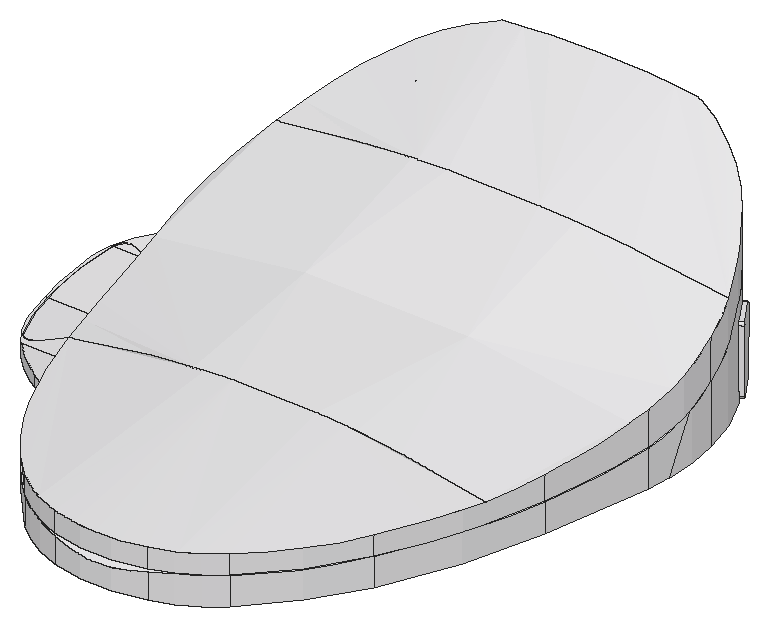
Revit family "Bidet_Seat-Elongated_Closed_Front-Cleansing-KOHLER-C3-129-K-18659T_1", category Plumbing Fixtures, host Face, Revit 2017
Family settings
  Host = Face
  Round Connector Dimension = Use Diameter
  Part Type = Normal
  OmniClass Number = 23.31.19.19.17
  OmniClass Title = Water Closet Seats
  Cut with Voids When Loaded = No
  Shared = No
  Room Calculation Point = No
Parameters (values of type "0-White")
  Width = 17 1/8"  # constant formula
  WaterSense Certified = 1 = 0  # no
  Waste Water Outlet = "Waste Water Outlet"  # constant formula
  Waste Connection = 1 = 0  # no
  Voltage = 220 V  # constant formula
  Vent Connection = 1 = 0  # no
  URL = "http://www.kohler.com.cn/"
  Type = 1
  Product Page URL = "https://www.kohler.com.cn/en/product/K-18659T-0/K-18659T-0/"
  Product Name = "C3-129"  # constant formula
  Product Documentation Link = "https://files.kohler.com.cn/pdfs/1518002035861_K-18659T-0_K-4107T-0.pdf"
  Pressure = 0.00 psi
  Model = if(Type = 1, "K-18659T-0", if(Type = 2, "K-18659T-HC-0", "NA"))  # "K-18659T-0"
  Material = "Plastic"  # constant formula
  Master Format 2014 Name = "Residential Water Closets"  # constant formula
  Master Format 2014 = "22 41 13.13"  # constant formula
  Manufacturer Address = "Kohler Beijing Office (100016) 36-2-03-B, No. 88, Liuxiang Road, Beijing"  # constant formula
  Manufacturer = "KOHLER Co."  # constant formula
  Length = 20 131/256"  # constant formula
  Hot Water Inlet = "Hot Water Inlet"  # constant formula
  Height = 6 11/32"  # constant formula
  HW Connection = 1 = 0  # no
  Flush Rate- LPF = "0 LPF"
  Flush Rate- GPF = "0 GPF"
  Flow Rate = 0 GPM
  Finish = Kohler-Plastic-0-White
  Environmental Product Declaration = ""
  Electrical Note = "One Dedicated Circuit Required "  # constant formula
  Electrical Connector = 1 = 1  # yes
  Description = "Bidet Seat"  # constant formula
  Default Elevation = 0"
  Declare Label = ""
  Date Modified = "06/30/2021"  # constant formula
  Date Created = "06/30/2021"  # constant formula
  Copyright = "Copyright KOHLER Co."  # constant formula
  Contact Us = "http://www.kohler.com.cn/contact/contact-us/"
  Cold Water Inlet = "Cold Water Inlet"  # constant formula
  CW Connection = 1 = 1  # yes
  Assembly Code = "D2010100"
  Apparent Load = 10 A * Voltage  # 2200 VA
  ADA Compliant = 1 = 0  # no
Types (3): name | Type | Product Page URL | Model
  (no name) | 1 | "https://www.kohler.com.cn/en/product/K-18659T-0/K-18659T-0/" | "K-18659T-0"
  Hidden Chord, 0-White | 2 | "" | "K-18659T-HC-0"
  0-White | 1 | "https://www.kohler.com.cn/en/product/K-18659T-0/K-18659T-0/" | "K-18659T-0"
Reference planes (in)
  plane 1 "Center (Front/Back)": y = 0
  plane 2: z = 0
  plane 3 "Center (Left/Right)": x = 0
  plane 4: x = 7.6875
  plane 5: x = -9.4375
  plane 6: y = -20.51172
  plane 7: z = 6.34375
  plane 8: z = 1.61934
  plane 9: z = 0.16265
  plane 10: through (-9.48483, -11.47038, 48) normal (-0.9525, 0.3046, 0)
  plane 11: through (-9.48483, -9.91959, 48) normal (-0.9252, 0.3795, 0)
  plane 12: z = 1.1855
  plane 13: x = -7.6875
  plane 14: z = -0.62598
Forms (in)
  Extrusion 1, void
    sketch origin (0, 0, 0) x (0, 1, 0) y (0, 0, 1)
      loop
        line (-4.26714, 0.16142) -> (-5.71564, 0.16142) -> (-5.71564, -0.62598) -> (-4.26714, -0.62598) -> (-4.26714, 0.16142)
    from -1.61419 to 1.61419
Dimensions and locks (in)
  "Length": plane 6 to plane 1 "Center (Front/Back)"
  "Width": plane 5 to plane 4
  "Height": level to plane 7
  plane 9 to plane 7 = 6.1811"
  plane 9 to plane 8 = 1.45669"
  aligned and locked: plane 2 to host face
  aligned and locked: level to host face
  aligned and locked: plane 3 "Center (Left/Right)" to nested 1
  aligned and locked: plane 1 "Center (Front/Back)" to nested 1
Automatic sketch dimensions
  host sketch curve to host sketch curve = 96"  (x2)
  plane 9 to Extrusion 1 sketch curve = 0.00123"
  plane 1 "Center (Front/Back)" to Extrusion 1 sketch curve = 5.71564"
  Extrusion 1 sketch curve to Extrusion 1 sketch curve = 1.44849"
  Extrusion 1 sketch curve to level = 0.62598"
Nested families (in)
  nested 1: "K-18659T" at (0, 0, 0), type "K-18659T"
Connectors (in)
  piping at (-7.13166, -4.18342, 1.1855), diameter 0.5, driven by "Flow Rate", driven by "Pressure", driven by "CW Connection", driven by "Cold Water Inlet"
    settings: on nested 1, index 1, connector inside diameter 24", connector length 0", flow factor 0, pipe flow 0 GPM, pressure drop 0.00 psi, fitting loss kfactor 0, connector angle 0.00°, fixture units 0, engagement length 0", angle of deflection 0.00°, flow configuration 0, flow direction 1, fitting loss method 0, system type 20, joint type 0, gender type 0, connector reference index -1, connector utility 1, adjustable connector no, is connector primary yes, connector description "Cold Water Inlet"
  electrical at (-7.3376, -4.75583, 1.1855), driven by "Voltage", driven by "Electrical Connector", driven by "Electrical Note", driven by "Apparent Load"
    settings: on nested 1, index 2, voltage 220 V, apparent load 2200 VA, apparent load phase1 0 VA, apparent load phase2 0 VA, apparent load phase3 0 VA, power factor 1, load classification "Power", number of poles 1, system type 30, power factor state 1, is connector primary yes, connector utility yes, sub classification motor no, connector description "One Dedicated Circuit Required "
Definition of nested family "K-18659T"
  Parameters (values of type "K-18659T")
    Material = none
  Reference planes (in)
    plane 1 "Center (Front/Back)": y = 0
    plane 2: z = 0
    plane 3 "Center (Left/Right)": x = 0
    plane 4: x = 7.6875
    plane 5: x = -7.6875
    plane 6: x = -9.43848
    plane 7: z = 6.34252
    plane 8: z = 0.16142
    plane 9: z = 1.61811
    plane 10: y = -20.51181
    plane 11: through (-7.04593, -3.97446, 48) normal (0.9252, -0.3795, 0)
    plane 12: through (-7.24159, -4.4556, 48) normal (0.9525, -0.3046, 0)
    plane 13: z = 1.1855
    plane 14: z = -0.62598
    plane 15: x = -1.61419
    plane 16: x = 1.61419
  Forms (in)
    Extrusion 1, solid, material <- "Material", detail levels medium+fine
      sketch origin (0, 0, 0) x (1, 0, 0) y (0, 1, 0)
        loop
          arc (3.21811, -0.46301) -> (0, -0.01438) -> (-3.21811, -0.46301) r 11.76638
          arc (-3.21811, -0.46301) -> (-4.76648, -1.17358) -> (-6.02837, -2.31811) r 5.58153
          arc (-6.02837, -2.31811) -> (-6.95535, -3.77962) -> (-7.52246, -5.41477) r 7.49639
          arc (-7.52246, -5.41477) -> (-7.69326, -6.71655) -> (-7.63433, -8.02816) r 7.49639
          arc (-7.63433, -8.02816) -> (-7.37625, -9.73974) -> (-7.05989, -11.44151) r 50.69936
          arc (-7.05989, -11.44151) -> (-6.405, -13.86808) -> (-5.4516, -16.19363) r 20.04551
          arc (-5.4516, -16.19363) -> (-4.49347, -17.77758) -> (-3.26114, -19.15898) r 10.05231
          arc (-3.26114, -19.15898) -> (-2.42572, -19.77763) -> (-1.47313, -20.19384) r 4.61995
          arc (-1.47313, -20.19384) -> (0, -20.41586) -> (1.47313, -20.19384) r 4.99813
          arc (1.47313, -20.19384) -> (2.42572, -19.77763) -> (3.26114, -19.15898) r 4.61995
          arc (3.26114, -19.15898) -> (4.49347, -17.77758) -> (5.4516, -16.19363) r 10.05231
          arc (5.4516, -16.19363) -> (6.405, -13.86808) -> (7.05989, -11.44151) r 20.04551
          arc (7.05989, -11.44151) -> (7.37625, -9.73974) -> (7.63433, -8.02816) r 50.69936
          arc (7.63433, -8.02816) -> (7.69326, -6.71655) -> (7.52246, -5.41477) r 7.49639
          arc (7.52246, -5.41477) -> (6.95535, -3.77962) -> (6.02837, -2.31811) r 7.49639
          arc (6.02837, -2.31811) -> (4.76648, -1.17358) -> (3.21811, -0.46301) r 5.58153
      from 0.16142 to 7.18233
    Sweep 2, void
      path origin (0, 0, 0) x (0, 1, 0) y (0, 0, 1)
        loop
          arc (1.74565, 7.50838) -> (-1.32243, 5.77894) -> (-4.52538, 4.31428) r 41.74443
          arc (-4.52538, 4.31428) -> (-8.81367, 2.92226) -> (-13.25858, 2.16734) r 30.9836
          arc (-13.25858, 2.16734) -> (-17.79364, 1.70791) -> (-22.32331, 1.19816) r 410.64763
      profile origin (0, -13.25858, 2.16734) x (0, 0.095268, -0.995452) y (1, 0, 0)
        loop
          arc (0.9375, -8.5) -> (-0.25712, 0.01451) -> (0.9375, 8.52903) r 30.9405
          line (0.9375, 8.52903) -> (-7.66626, 8.52903) -> (-7.66626, -8.5) -> (0.9375, -8.5)
    Extrusion 3, void, detail levels medium+fine
      sketch origin (0, 0, 0) x (0, 1, 0) y (0, 0, 1)
        loop
          line (-20.49173, 1.05407) -> (-20.49173, 0.71365)
          arc (-20.49173, 0.71365) -> (-20.23088, 0.95214) -> (-19.88816, 1.03852) r 0.72311
          line (-19.88816, 1.03852) -> (-18.71042, 1.03852)
          arc (-18.71042, 1.03852) -> (-17.49482, 1.04049) -> (-16.27923, 1.04639) r 375.63314
          arc (-16.27923, 1.04639) -> (-14.89289, 1.05352) -> (-13.50654, 1.05699) r 523.6616
          arc (-13.50654, 1.05699) -> (-11.49299, 1.08519) -> (-9.48082, 1.16501) r 78.51973
          arc (-9.48082, 1.16501) -> (-8.26866, 1.28139) -> (-7.07109, 1.50204) r 14.08347
          arc (-7.07109, 1.50204) -> (-6.77673, 1.57318) -> (-6.48411, 1.65116) r 12.98825
          line (-6.48411, 1.65116) -> (-7.40766, -0.03784) -> (-7.37213, -0.03784) -> (-6.44214, 1.66294)
          arc (-6.44214, 1.66294) -> (-4.72017, 2.28366) -> (-3.10256, 3.14027) r 12.98825
          arc (-3.10256, 3.14027) -> (-2.23069, 3.70777) -> (-1.38156, 4.30878) r 26.72135
          arc (-1.38156, 4.30878) -> (-1.14448, 4.2177) -> (-0.89238, 4.24859) r 0.52488
          arc (-0.89238, 4.24859) -> (-0.34442, 4.35267) -> (0.20535, 4.25858) r 1.56975
          line (0.20535, 4.25858) -> (0.20535, 7.26834) -> (-0.43265, 7.26834) -> (-0.43265, 6.26402) -> (-0.74001, 6.02388)
          arc (-0.74001, 6.02388) -> (-0.66711, 5.44541) -> (-0.57657, 4.86943) r 19.0916
          arc (-0.57657, 4.86943) -> (-0.57225, 4.69665) -> (-0.61791, 4.52995) r 0.59331
          arc (-0.61791, 4.52995) -> (-0.97209, 4.24156) -> (-1.41296, 4.36096) r 0.5004
          arc (-1.41296, 4.36096) -> (-2.82336, 3.35624) -> (-4.3312, 2.50468) r 16.51938
          arc (-4.3312, 2.50468) -> (-6.65609, 1.62593) -> (-9.10945, 1.22798) r 12.41261
          arc (-9.10945, 1.22798) -> (-11.98075, 1.09756) -> (-14.85468, 1.05407) r 94.98598
          line (-14.85468, 1.05407) -> (-20.49173, 1.05407)
      from -7.77013 to 7.75302
    Extrusion 4, solid, material <- "Material", detail levels medium+fine
      sketch origin (0, 0, 0) x (0, 1, 0) y (0, 0, 1)
        loop
          line (-0.16582, 4.11715) -> (-0.34721, 4.90284)
          arc (-0.34721, 4.90284) -> (-0.48688, 5.20803) -> (-0.73542, 5.43359) r 0.8352
          line (-0.73542, 5.43359) -> (-0.73542, 4.11715) -> (-0.16582, 4.11715)
      from -3.01179 to 3.01179
    Extrusion 5, void
      sketch origin (0, -0.03125, 0) x (1, 0, 0) y (0, 1, 0)
        loop
          line (3.21811, -0.46301) -> (3.21811, 0.03699) -> (-3.09878, 0.03699) -> (-3.09878, -0.42983)
          arc (-3.09878, -0.42983) -> (-1.56294, -0.13194) -> (0, -0.06309) r 10.61202
          arc (0, -0.06309) -> (1.62442, -0.1394) -> (3.21811, -0.46301) r 10.61202
      from 3.90511 to 5.72495
    Extrusion 6, solid, material <- "Material", detail levels medium+fine
      sketch origin (0, 0, 0) x (0, 1, 0) y (0, 0, 1)
        loop
          line (-0.54322, 5.22193) -> (-0.88809, 5.06111) -> (-0.88809, 4.19155) -> (-0.24776, 4.19155) -> (-0.54322, 5.22193)
      from 3.01179 to 3.13401
    Extrusion 7, solid, material <- "Material", detail levels medium+fine
      sketch origin (0, 0, 0) x (0, 1, 0) y (0, 0, -1)
        loop
          line (-0.54322, -5.22193) -> (-0.24776, -4.19155) -> (-0.88809, -4.19155) -> (-0.88809, -5.06111) -> (-0.54322, -5.22193)
      from 3.01179 to 3.13401
    Extrusion 8, solid, material <- "Material"
      sketch origin (0, 0, 0) x (0, 1, 0) y (0, 0, 1)
        loop
          arc (-8.10861, 1.13089) -> (-9.43948, 0.95739) -> (-10.77935, 0.87941) r 18.77516
          arc (-10.77935, 0.87941) -> (-11.8877, 0.86934) -> (-12.99593, 0.88876) r 41.66374
          arc (-12.99593, 0.88876) -> (-13.79881, 0.93633) -> (-14.59771, 1.02931) r 14.18731
          line (-14.59771, 1.02931) -> (-14.59771, 0.7053) -> (-13.86937, 0.58994)
          arc (-13.86937, 0.58994) -> (-12.86766, 0.46162) -> (-11.8601, 0.39294) r 17.01978
          arc (-11.8601, 0.39294) -> (-10.9891, 0.37509) -> (-10.11801, 0.38842) r 24.33662
          arc (-10.11801, 0.38842) -> (-9.35234, 0.41616) -> (-8.58684, 0.44849) r 127.68557
          arc (-8.58684, 0.44849) -> (-7.7288, 0.57474) -> (-6.91345, 0.87035) r 4.30622
          line (-6.91345, 0.87035) -> (-6.4655, 1.67849)
          arc (-6.4655, 1.67849) -> (-7.26561, 1.34035) -> (-8.10861, 1.13089) r 5.56286
      from -9.63232 to -5.35433
    Extrusion 9, void
      sketch origin (0, 0, 0) x (1, 0, 0) y (0, 1, 0)
        loop
          line (-7.54489, -6.48776) -> (-7.54489, -6.15976) -> (-9.79489, -6.15976) -> (-9.79489, -14.78489) -> (-5.58547, -14.78489)
          arc (-5.58547, -14.78489) -> (-6.31548, -14.52388) -> (-6.98761, -14.13751) r 4.35334
          arc (-6.98761, -14.13751) -> (-7.68008, -13.59664) -> (-8.31235, -12.98649) r 8.41359
          arc (-8.31235, -12.98649) -> (-8.68567, -12.4981) -> (-8.95637, -11.94618) r 3.13107
          arc (-8.95637, -11.94618) -> (-9.3804, -10.34919) -> (-9.48483, -8.70017) r 8.43171
          arc (-9.48483, -8.70017) -> (-9.35205, -8.10768) -> (-9.01343, -7.60368) r 1.64545
          arc (-9.01343, -7.60368) -> (-8.31935, -6.99282) -> (-7.54489, -6.48776) r 6.43387
      from 0.25591 to 1.78504
    Extrusion 10, solid, material <- "Material", detail levels medium+fine
      sketch origin (0, 0, 0) x (1, 0, 0) y (0, 1, 0)
        loop
          line (-6.84045, -4.6016) -> (-7.24159, -4.4556) -> (-7.43361, -5.05606) -> (-7.05589, -5.19353) -> (-6.84045, -4.6016)
        loop
          line (-7.21738, -4.39238) -> (-6.8099, -4.54069) -> (-6.63845, -4.12277) -> (-7.04593, -3.97446) -> (-7.21738, -4.39238)
      from 0.97751 to 1.39349
    Extrusion 11, solid, material <- "Material", detail levels medium+fine
      sketch origin (0, 0, 0) x (0, 1, 0) y (0, 0, 1)
        loop
          arc (-1.2979, 4.73942) -> (-3.56552, 3.16493) -> (-6.10642, 2.08558) r 13.47548
          arc (-6.10642, 2.08558) -> (-9.2036, 1.39709) -> (-12.37103, 1.21299) r 19.76718
          arc (-12.37103, 1.21299) -> (-15.43707, 1.26604) -> (-18.50349, 1.28853) r 307.77215
          arc (-18.50349, 1.28853) -> (-19.1969, 1.28938) -> (-19.89031, 1.28867) r 307.77215
          line (-19.89031, 1.28867) -> (-19.89031, 0.91173) -> (-18.56185, 0.91173)
          arc (-18.56185, 0.91173) -> (-14.02488, 0.953) -> (-9.48942, 1.0768) r 249.40123
          arc (-9.48942, 1.0768) -> (-5.13825, 1.95608) -> (-1.2979, 4.1826) r 13.67664
          line (-1.2979, 4.1826) -> (-1.2979, 4.73942)
      from -7.44902 to 7.38839
    Extrusion 12, void
      sketch origin (0, 0, 0) x (1, 0, 0) y (0, 1, 0)
        loop
          arc (5.63988, -2.63286) -> (4.49102, -1.59086) -> (3.08136, -0.94395) r 5.08153
          arc (3.08136, -0.94395) -> (0, -0.51438) -> (-3.08136, -0.94395) r 11.26638
          arc (-3.08136, -0.94395) -> (-4.49102, -1.59086) -> (-5.63988, -2.63286) r 5.08153
          arc (-5.63988, -2.63286) -> (-6.50502, -3.9969) -> (-7.03431, -5.52298) r 6.99639
          arc (-7.03431, -5.52298) -> (-7.19372, -6.73793) -> (-7.13872, -7.96206) r 6.99639
          arc (-7.13872, -7.96206) -> (-6.88318, -9.65676) -> (-6.56995, -11.34175) r 50.19936
          arc (-6.56995, -11.34175) -> (-5.93139, -13.70779) -> (-5.00177, -15.97533) r 19.54551
          arc (-5.00177, -15.97533) -> (-4.93948, -16.10133) -> (-4.87534, -16.22639) r 9.55231
          arc (-4.87534, -16.22639) -> (0, -19.1806) -> (4.87534, -16.22639) r 5.5
          arc (4.87534, -16.22639) -> (4.93948, -16.10133) -> (5.00177, -15.97533) r 9.55231
          arc (5.00177, -15.97533) -> (5.93139, -13.70779) -> (6.56995, -11.34175) r 19.54551
          arc (6.56995, -11.34175) -> (6.88318, -9.65676) -> (7.13872, -7.96206) r 50.19936
          arc (7.13872, -7.96206) -> (7.19372, -6.73793) -> (7.03431, -5.52298) r 6.99639
          arc (7.03431, -5.52298) -> (6.50502, -3.9969) -> (5.63988, -2.63286) r 6.99639
        loop
          line (7.56728, -0.27809) -> (-7.55772, -0.27809) -> (-7.55772, -20.09059) -> (7.56728, -20.09059) -> (7.56728, -0.27809)
      from 0 to 12
    Extrusion 13, solid, material <- "Material", detail levels coarse
      sketch origin (0, 0, 0) x (1, 0, 0) y (0, 1, 0)
        loop
          arc (-3.21811, -0.46301) -> (-4.76648, -1.17358) -> (-6.02837, -2.31811) r 5.58153
          arc (-6.02837, -2.31811) -> (-6.95535, -3.77962) -> (-7.52246, -5.41477) r 7.49639
          arc (-7.52246, -5.41477) -> (-7.69326, -6.71655) -> (-7.63433, -8.02816) r 7.49639
          arc (-7.63433, -8.02816) -> (-7.37625, -9.73974) -> (-7.05989, -11.44151) r 50.69936
          arc (-7.05989, -11.44151) -> (-6.405, -13.86808) -> (-5.4516, -16.19363) r 20.04551
          arc (-5.4516, -16.19363) -> (-4.49347, -17.77758) -> (-3.26114, -19.15898) r 10.05231
          arc (-3.26114, -19.15898) -> (-2.42572, -19.77763) -> (-1.47313, -20.19384) r 4.61995
          arc (-1.47313, -20.19384) -> (0, -20.41586) -> (1.47313, -20.19384) r 4.99813
          arc (1.47313, -20.19384) -> (2.42572, -19.77763) -> (3.26114, -19.15898) r 4.61995
          arc (3.26114, -19.15898) -> (4.49347, -17.77758) -> (5.4516, -16.19363) r 10.05231
          arc (5.4516, -16.19363) -> (6.405, -13.86808) -> (7.05989, -11.44151) r 20.04551
          arc (7.05989, -11.44151) -> (7.37625, -9.73974) -> (7.63433, -8.02816) r 50.69936
          arc (7.63433, -8.02816) -> (7.69326, -6.71655) -> (7.52246, -5.41477) r 7.49639
          arc (7.52246, -5.41477) -> (6.95535, -3.77962) -> (6.02837, -2.31811) r 7.49639
          arc (6.02837, -2.31811) -> (4.76648, -1.17358) -> (3.21811, -0.46301) r 5.58153
          arc (3.21811, -0.46301) -> (0, -0.01438) -> (-3.21811, -0.46301) r 11.76638
      from 0 to 6.34881
    Extrusion 14, void
      sketch origin (0, 0, -0.03125) x (0, 1, 0) y (0, 0, 1)
        loop
          arc (-7.93442, 3.2589) -> (-5.08319, 4.24938) -> (-2.30259, 5.42364) r 46.27143
          arc (-2.30259, 5.42364) -> (-1.03658, 5.87517) -> (0.28966, 6.09375) r 7.50888
          line (0.28966, 6.09375) -> (0.28966, 6.79546) -> (-20.52284, 6.79546) -> (-20.52284, 1.67852)
          arc (-20.52284, 1.67852) -> (-17.1429, 1.94572) -> (-13.76053, 2.18026) r 351.19212
          arc (-13.76053, 2.18026) -> (-10.81544, 2.54655) -> (-7.93442, 3.2589) r 25.02584
      from -7.86471 to 7.80039
    Sweep 15, solid, material <- "Material", detail levels medium+fine
      path origin (0, 0, 0) x (1, 0, 0) y (0, 1, 0)
        loop
          arc (-4.40174, -10.71754) -> (-4.20686, -12.18243) -> (-3.88458, -13.62465) r 16.87687
          arc (-3.88458, -13.62465) -> (-3.27777, -15.35481) -> (-2.42349, -16.97713) r 12.4534
          arc (-2.42349, -16.97713) -> (-2.2042, -17.31782) -> (-1.97574, -17.65243) r 14.94199
          arc (-1.97574, -17.65243) -> (-1.80634, -17.8711) -> (-1.61734, -18.07308) r 2.97324
          arc (-1.61734, -18.07308) -> (-0.00986, -18.68485) -> (1.53649, -17.9318) r 2.16535
          arc (1.53649, -17.9318) -> (2.467, -16.62835) -> (3.15137, -15.18044) r 8.98693
          arc (3.15137, -15.18044) -> (3.42475, -14.42887) -> (3.69296, -13.67545) r 116.12064
          arc (3.69296, -13.67545) -> (4.08172, -12.24575) -> (4.25821, -10.77469) r 10.15055
          arc (4.25821, -10.77469) -> (4.1202, -9.45249) -> (3.59676, -8.23049) r 4.43755
          arc (3.59676, -8.23049) -> (3.23215, -7.76126) -> (2.77732, -7.37883) r 2.82073
          arc (2.77732, -7.37883) -> (2.03696, -6.96777) -> (1.23674, -6.69073) r 4.88546
          arc (1.23674, -6.69073) -> (0.60049, -6.5668) -> (-0.04542, -6.51237) r 5.98849
          arc (-0.04542, -6.51237) -> (-1.24587, -6.6287) -> (-2.37897, -7.04186) r 4.77891
          arc (-2.37897, -7.04186) -> (-3.10904, -7.53439) -> (-3.70459, -8.18316) r 3.76183
          arc (-3.70459, -8.18316) -> (-4.28172, -9.38748) -> (-4.40174, -10.71754) r 3.76183
      profile origin (-4.20686, -12.18243, 0) x (0.984543, 0.175142, 0) y (0, 0, 1)
        loop
          arc (-0.018, 0.00013) -> (-0.00055, 0.00902) -> (-0.00944, 0.02647) r 0.01385
          line (-0.00944, 0.02647) -> (-0.68553, 0.24614)
          arc (-0.68553, 0.24614) -> (-0.70297, 0.23725) -> (-0.69408, 0.2198) r 0.01385
          line (-0.69408, 0.2198) -> (-0.018, 0.00013)
    Extrusion 16, solid, material <- "Material", detail levels medium+fine
      sketch origin (0, 0, 0) x (1, 0, 0) y (0, 1, 0)
        loop
          line (4.99435, -10.82875) -> (6.71229, -10.46359)
          arc (6.71229, -10.46359) -> (6.73523, -10.45094) -> (6.74727, -10.42767) r 0.0451
          line (6.74727, -10.42767) -> (6.86329, -9.80049)
          arc (6.86329, -9.80049) -> (6.83842, -9.72983) -> (6.76485, -9.7157) r 0.07521
          line (6.76485, -9.7157) -> (4.98716, -10.32781)
          arc (4.98716, -10.32781) -> (4.94437, -10.35832) -> (4.92511, -10.40722) r 0.09251
          line (4.92511, -10.40722) -> (4.89586, -10.74161)
          arc (4.89586, -10.74161) -> (4.92314, -10.81) -> (4.99435, -10.82875) r 0.0818
        loop
          arc (-4.99435, -10.82875) -> (-4.92314, -10.81) -> (-4.89586, -10.74161) r 0.0818
          line (-4.89586, -10.74161) -> (-4.92511, -10.40722)
          arc (-4.92511, -10.40722) -> (-4.94437, -10.35832) -> (-4.98716, -10.32781) r 0.09251
          line (-4.98716, -10.32781) -> (-6.76485, -9.7157)
          arc (-6.76485, -9.7157) -> (-6.83842, -9.72983) -> (-6.86329, -9.80049) r 0.07521
          line (-6.86329, -9.80049) -> (-6.74727, -10.42767)
          arc (-6.74727, -10.42767) -> (-6.73523, -10.45094) -> (-6.71229, -10.46359) r 0.0451
          line (-6.71229, -10.46359) -> (-4.99435, -10.82875)
        loop
          arc (3.14531, -16.8949) -> (3.10765, -16.88205) -> (3.07446, -16.90401) r 0.04512
          line (3.07446, -16.90401) -> (2.75454, -17.45053)
          arc (2.75454, -17.45053) -> (2.74118, -17.50511) -> (2.75986, -17.5581) r 0.09842
          line (2.75986, -17.5581) -> (3.33537, -18.35023)
          arc (3.33537, -18.35023) -> (3.40852, -18.38871) -> (3.48357, -18.35411) r 0.09343
          line (3.48357, -18.35411) -> (3.93131, -17.80119)
          arc (3.93131, -17.80119) -> (3.95235, -17.73645) -> (3.92466, -17.67425) r 0.09499
          line (3.92466, -17.67425) -> (3.14531, -16.8949)
        loop
          line (-3.14531, -16.8949) -> (-3.92466, -17.67425)
          arc (-3.92466, -17.67425) -> (-3.95235, -17.73645) -> (-3.93131, -17.80119) r 0.09499
          line (-3.93131, -17.80119) -> (-3.48357, -18.35411)
          arc (-3.48357, -18.35411) -> (-3.40852, -18.38871) -> (-3.33537, -18.35023) r 0.09343
          line (-3.33537, -18.35023) -> (-2.75986, -17.5581)
          arc (-2.75986, -17.5581) -> (-2.74118, -17.50511) -> (-2.75454, -17.45053) r 0.09842
          line (-2.75454, -17.45053) -> (-3.07446, -16.90401)
          arc (-3.07446, -16.90401) -> (-3.10765, -16.88205) -> (-3.14531, -16.8949) r 0.04512
      from 0.0398 to 0.39491
    Extrusion 17, solid, material <- "Material", detail levels medium+fine
      sketch origin (-0.41758, -4.10291, 0) x (-0.559193, 0.829038, 0) y (0, 0, 1)
        loop
          line (-2.40757, 2.55906) -> (-3.44255, 2.55906)
          arc (-3.44255, 2.55906) -> (-3.48997, 2.53941) -> (-3.50961, 2.492) r 0.06706
          line (-3.50961, 2.492) -> (-3.50961, 0.48882)
          arc (-3.50961, 0.48882) -> (-3.49328, 0.4494) -> (-3.45385, 0.43307) r 0.05575
          line (-3.45385, 0.43307) -> (-2.40526, 0.43307)
          arc (-2.40526, 0.43307) -> (-2.35443, 0.45413) -> (-2.33337, 0.50495) r 0.07188
          line (-2.33337, 0.50495) -> (-2.33337, 2.48485)
          arc (-2.33337, 2.48485) -> (-2.35511, 2.53732) -> (-2.40757, 2.55906) r 0.0742
        loop
          line (-3.32258, 2.31617) -> (-3.32258, 2.20398) -> (-2.50293, 2.20398) -> (-2.50293, 2.31617) -> (-3.32258, 2.31617)
        loop
          line (-3.32258, 2.09964) -> (-3.32258, 1.98745) -> (-2.50293, 1.98745) -> (-2.50293, 2.09964) -> (-3.32258, 2.09964)
        loop
          line (-3.32258, 1.8831) -> (-3.32258, 1.77091) -> (-2.50293, 1.77091) -> (-2.50293, 1.8831) -> (-3.32258, 1.8831)
        loop
          line (-3.32258, 1.66656) -> (-3.32258, 1.55437) -> (-2.50293, 1.55437) -> (-2.50293, 1.66656) -> (-3.32258, 1.66656)
        loop
          line (-3.32258, 1.45003) -> (-3.32258, 1.33784) -> (-2.50293, 1.33784) -> (-2.50293, 1.45003) -> (-3.32258, 1.45003)
        loop
          line (-3.32258, 1.23349) -> (-3.32258, 1.1213) -> (-2.50293, 1.1213) -> (-2.50293, 1.23349) -> (-3.32258, 1.23349)
        loop
          line (-3.32258, 1.01696) -> (-3.32258, 0.90477) -> (-2.50293, 0.90477) -> (-2.50293, 1.01696) -> (-3.32258, 1.01696)
        loop
          line (-3.32258, 0.80042) -> (-3.32258, 0.68823) -> (-2.50293, 0.68823) -> (-2.50293, 0.80042) -> (-3.32258, 0.80042)
      from 4.31493 to 6.51205
    Extrusion 18, solid, material <- "Material"
      sketch origin (0, 0, 0) x (1, 0, 0) y (0, 1, 0)
        loop
          arc (-8.76425, -7.85171) -> (-9.11385, -7.86626) -> (-9.31379, -8.15342) r 0.3937
          arc (-9.31379, -8.15342) -> (-9.28843, -10.44014) -> (-8.55003, -12.60452) r 7.22883
          arc (-8.55003, -12.60452) -> (-8.32329, -12.75485) -> (-8.07377, -12.64644) r 0.28494
          line (-8.07377, -12.64644) -> (-7.33933, -11.7064)
          arc (-7.33933, -11.7064) -> (-7.20446, -11.42401) -> (-7.20124, -11.11108) r 0.72464
          arc (-7.20124, -11.11108) -> (-7.44673, -9.91071) -> (-7.67868, -8.70765) r 108.7247
          arc (-7.67868, -8.70765) -> (-7.8347, -8.36439) -> (-8.13241, -8.13303) r 0.7874
          line (-8.13241, -8.13303) -> (-8.76425, -7.85171)
      from 0.70844 to 1.29329
    Extrusion 19, void
      sketch origin (0, 0, 0) x (0, 1, 0) y (0, 0, 1)
        loop
          arc (-8.10861, 1.13089) -> (-7.26561, 1.34035) -> (-6.4655, 1.67849) r 5.56286
          line (-6.4655, 1.67849) -> (-6.4655, 2.25712) -> (-14.59771, 1.83093) -> (-14.59771, 1.02931)
          arc (-14.59771, 1.02931) -> (-13.79881, 0.93633) -> (-12.99593, 0.88876) r 14.18731
          arc (-12.99593, 0.88876) -> (-11.8877, 0.86934) -> (-10.77935, 0.87941) r 41.66374
          arc (-10.77935, 0.87941) -> (-9.43948, 0.95739) -> (-8.10861, 1.13089) r 18.77516
      from -9.83016 to -6.84045
    Extrusion 20, void
      sketch origin (0, 0, 0) x (1, 0, 0) y (0, 1, 0)
        loop
          arc (-8.76425, -7.85171) -> (-9.11385, -7.86626) -> (-9.31379, -8.15342) r 0.3937
          arc (-9.31379, -8.15342) -> (-9.28843, -10.44014) -> (-8.55003, -12.60452) r 7.22883
          arc (-8.55003, -12.60452) -> (-8.32329, -12.75485) -> (-8.07377, -12.64644) r 0.28494
          line (-8.07377, -12.64644) -> (-7.33933, -11.7064)
          arc (-7.33933, -11.7064) -> (-7.20446, -11.42401) -> (-7.20124, -11.11108) r 0.72464
          arc (-7.20124, -11.11108) -> (-7.44673, -9.91071) -> (-7.67868, -8.70765) r 108.7247
          arc (-7.67868, -8.70765) -> (-7.8347, -8.36439) -> (-8.13241, -8.13303) r 0.7874
          line (-8.13241, -8.13303) -> (-8.76425, -7.85171)
      from 0.70844 to 1.77091
    Extrusion 21, solid, material <- "Material"
      sketch origin (0, 0, 0) x (0, 1, 0) y (0, 0, 1)
        loop
          line (-4.26714, 0.16142) -> (-5.71564, 0.16142) -> (-5.71564, -0.3714)
          arc (-5.71564, -0.3714) -> (-5.64107, -0.55142) -> (-5.46105, -0.62598) r 0.25459
          line (-5.46105, -0.62598) -> (-5.0914, -0.62598) -> (-4.97445, -0.41211) -> (-4.58075, -0.41211) -> (-4.26714, 0.16142)
      from -1.61419 to 1.61419
  Cuts and joins
    Sweep 2, Extrusion 3 cuts Extrusion 1
    Extrusion 5 cuts Extrusion 4
    joined: Extrusion 1, Extrusion 4, Extrusion 6, Extrusion 7, Extrusion 17
    Extrusion 9, Extrusion 20 cuts Extrusion 8
    Extrusion 12 cuts Extrusion 11
    Extrusion 14 cuts Extrusion 13
    Extrusion 19 cuts Extrusion 18
  Lines and regions (in)
    Masking region 1
      outline origin (0, 0, 0) x (1, 0, 0) y (0, 1, 0)
        loop
          arc (-6.02837, -2.31811) -> (-6.95535, -3.77962) -> (-7.52246, -5.41477) r 7.49639
          arc (-7.52246, -5.41477) -> (-7.62637, -5.98819) -> (-7.68542, -6.56795) r 7.49639
          arc (-7.68542, -6.56795) -> (-8.36884, -7.06092) -> (-9.01329, -7.60383) r 11.20889
          arc (-9.01329, -7.60383) -> (-9.30378, -7.99646) -> (-9.42212, -8.47031) r 1.25313
          arc (-9.42212, -8.47031) -> (-9.4393, -9.29405) -> (-9.41079, -10.11748) r 14.85527
          arc (-9.41079, -10.11748) -> (-9.2358, -11.04481) -> (-8.95637, -11.94618) r 8.27461
          arc (-8.95637, -11.94618) -> (-8.68567, -12.4981) -> (-8.31235, -12.98649) r 3.13107
          arc (-8.31235, -12.98649) -> (-7.68008, -13.59664) -> (-6.98761, -14.13751) r 8.41359
          line (-6.98761, -14.13751) -> (-6.07943, -14.77343)
          arc (-6.07943, -14.77343) -> (-5.78211, -15.48895) -> (-5.45736, -16.19245) r 20.04551
          arc (-5.45736, -16.19245) -> (-4.39199, -17.91891) -> (-3.00167, -19.39631) r 10.05231
          arc (-3.00167, -19.39631) -> (-0.00576, -20.51488) -> (2.99015, -19.39631) r 4.57132
          arc (2.99015, -19.39631) -> (4.38047, -17.91891) -> (5.44584, -16.19245) r 10.05231
          arc (5.44584, -16.19245) -> (6.39924, -13.8669) -> (7.05414, -11.44033) r 20.04551
          arc (7.05414, -11.44033) -> (7.37049, -9.73856) -> (7.62857, -8.02698) r 50.69936
          arc (7.62857, -8.02698) -> (7.6875, -6.71537) -> (7.5167, -5.41359) r 7.49639
          arc (7.5167, -5.41359) -> (7.22234, -4.41793) -> (6.79324, -3.4725) r 7.49639
          line (6.79324, -3.4725) -> (6.9437, -3.37101) -> (6.28596, -2.39586) -> (6.1545, -2.48453)
          arc (6.1545, -2.48453) -> (6.08915, -2.40026) -> (6.02261, -2.31692) r 7.49639
          arc (6.02261, -2.31692) -> (4.72672, -1.15013) -> (3.13401, -0.44017) r 5.58153
          line (3.13401, -0.44017) -> (3.13401, -0.24776) -> (3.01179, -0.24776) -> (3.01179, -0.40637)
          arc (3.01179, -0.40637) -> (0, -0.01438) -> (-3.01179, -0.40637) r 11.76638
          line (-3.01179, -0.40637) -> (-3.01179, -0.24776) -> (-3.13401, -0.24776) -> (-3.13401, -0.43981)
          arc (-3.13401, -0.43981) -> (-4.72997, -1.14969) -> (-6.02837, -2.31811) r 5.58153
    Masking region 2
      outline origin (0, 0, 0) x (0, 1, 0) y (0, 0, 1)
        loop
          line (0, 0.16142) -> (0, 4.31763)
          arc (0, 4.31763) -> (-0.11033, 4.33446) -> (-0.22034, 4.3533) r 6.09857
          line (-0.22034, 4.3533) -> (-0.34721, 4.90284)
          arc (-0.34721, 4.90284) -> (-0.46041, 5.16964) -> (-0.65798, 5.38169) r 0.8352
          arc (-0.65798, 5.38169) -> (-0.70172, 5.70243) -> (-0.74001, 6.02388) r 19.0916
          line (-0.74001, 6.02388) -> (-0.66102, 6.0856)
          arc (-0.66102, 6.0856) -> (-0.62814, 6.27846) -> (-0.8171, 6.32917) r 0.14528
          arc (-0.8171, 6.32917) -> (-1.61832, 5.92193) -> (-2.42461, 5.52481) r 71.31038
          arc (-2.42461, 5.52481) -> (-7.68413, 3.51324) -> (-13.21042, 2.43203) r 32.76183
          arc (-13.21042, 2.43203) -> (-16.77103, 2.03633) -> (-20.32876, 1.61558) r 509.12036
          arc (-20.32876, 1.61558) -> (-20.40667, 1.57466) -> (-20.43787, 1.49237) r 0.12412
          line (-20.43787, 1.49237) -> (-20.43787, 1.05407) -> (-20.15305, 1.05407)
          arc (-20.15305, 1.05407) -> (-20.34202, 0.97032) -> (-20.4375, 0.78701) r 0.3128
          line (-20.4375, 0.78701) -> (-20.51062, 0.28097)
          arc (-20.51062, 0.28097) -> (-20.48617, 0.19754) -> (-20.4071, 0.16142) r 0.10459
          line (-20.4071, 0.16142) -> (-19.348, 0.16142) -> (-18.82003, 0) -> (-6.49442, 0) -> (-5.99763, 0.16142) -> (-5.71564, 0.16142) -> (-5.71564, -0.3714)
          arc (-5.71564, -0.3714) -> (-5.64107, -0.55142) -> (-5.46105, -0.62598) r 0.25459
          line (-5.46105, -0.62598) -> (-5.0914, -0.62598) -> (-4.97445, -0.41211) -> (-4.58075, -0.41211) -> (-4.26714, 0.16142) -> (0, 0.16142)
    Masking region 3
      outline origin (0, 0, 0) x (1, 0, 0) y (0, 0, 1)
        loop
          line (-7.6875, 2.67163) -> (-7.6875, 1.64611) -> (-8.98654, 1.26244)
          arc (-8.98654, 1.26244) -> (-9.15161, 1.20835) -> (-9.3132, 1.14462) r 2.94578
          arc (-9.3132, 1.14462) -> (-9.38742, 1.09483) -> (-9.43848, 1.02149) r 0.24189
          line (-9.43848, 1.02149) -> (-9.43848, 0.43658)
          arc (-9.43848, 0.43658) -> (-9.38198, 0.40506) -> (-9.31946, 0.38842) r 0.26058
          arc (-9.31946, 0.38842) -> (-9.22031, 0.37831) -> (-9.1207, 0.37494) r 1.47116
          line (-9.1207, 0.37494) -> (-7.6875, 0.37494) -> (-7.6875, 0.16142) -> (-6.86454, 0.16142) -> (-6.86454, 0.0398) -> (-4.89586, 0.0398) -> (-4.89586, 0.16142) -> (-4.43299, 0) -> (-1.61419, 0) -> (-1.61419, -0.62598) -> (1.61419, -0.62598) -> (1.61419, 0) -> (4.28082, 0) -> (4.77761, 0.16142) -> (4.89586, 0.16142) -> (4.89586, 0.0398) -> (6.86329, 0.0398) -> (6.86329, 0.16142) -> (7.6875, 0.16142) -> (7.6875, 2.67163)
          arc (7.6875, 2.67163) -> (7.65569, 2.93059) -> (7.56217, 3.17416) r 1.07011
          arc (7.56217, 3.17416) -> (7.20945, 3.73418) -> (6.77879, 4.23674) r 4.52348
          arc (6.77879, 4.23674) -> (6.33291, 4.65359) -> (5.85719, 5.03604) r 8.18213
          arc (5.85719, 5.03604) -> (4.60414, 5.74424) -> (3.21452, 6.11925) r 5.7534
          arc (3.21452, 6.11925) -> (-0.06282, 6.34247) -> (-3.33916, 6.10503) r 23.42475
          arc (-3.33916, 6.10503) -> (-4.72332, 5.71703) -> (-5.96008, 4.98432) r 5.51181
          arc (-5.96008, 4.98432) -> (-6.12494, 4.85086) -> (-6.28575, 4.71253) r 7.10604
          arc (-6.28575, 4.71253) -> (-6.95672, 4.0254) -> (-7.52219, 3.24913) r 6.67791
          arc (-7.52219, 3.24913) -> (-7.64536, 2.97198) -> (-7.6875, 2.67163) r 1.09138
    symbolic lines, detail levels medium+fine
      curve 1: line (-3.13401, -0.43981, 0) -> (-3.01403, -0.40771, 0)
      curve 2: line (3.01179, -0.40637, 0) -> (3.13401, -0.43981, 0)
      curve 3: line (0, -14.85468, 1.05407) -> (0, -20.15305, 1.05407)
      curve 4: arc (0, -9.37982, 1.17067) -> (0, -12.11663, 1.08322) -> (0, -14.85468, 1.05407) r 128.58609
      curve 5: arc (0, -5.94596, 1.83858) -> (0, -7.63787, 1.37603) -> (0, -9.37982, 1.17067) r 11.74198
      curve 6: arc (0, -1.86888, 4.01146) -> (0, -3.82686, 2.77386) -> (0, -5.94596, 1.83858) r 15.66176
      curve 7: arc (0, -1.41296, 4.36096) -> (0, -1.63949, 4.18435) -> (0, -1.86888, 4.01146) r 17.58639
      curve 8: arc (0, -0.61791, 4.52995) -> (0, -0.97209, 4.24156) -> (0, -1.41296, 4.36096) r 0.5004
      curve 9: arc (0, -0.57657, 4.86943) -> (0, -0.57225, 4.69665) -> (0, -0.61791, 4.52995) r 0.59331
      curve 10: arc (0, -0.65798, 5.38169) -> (0, -0.61902, 5.12528) -> (0, -0.57657, 4.86943) r 19.0916
      curve 11: arc (0, -0.89238, 4.24859) -> (0, -0.53771, 4.33895) -> (0, -0.17177, 4.34473) r 1.56975
      curve 12: arc (0, -1.41296, 4.36096) -> (0, -1.1694, 4.22726) -> (0, -0.89238, 4.24859) r 0.48672
      curve 13: line (0, -6.47061, 1.67584) -> (0, -7.2987, 0.16142)
      curve 14: line (0, -7.26318, 0.16142) -> (0, -6.44214, 1.66294)
      curve 15: arc (0, -8.58684, 0.44849) -> (0, -7.72704, 0.57518) -> (0, -6.9102, 0.87192) r 4.30622
      curve 16: arc (0, -10.11801, 0.38842) -> (0, -9.35234, 0.41616) -> (0, -8.58684, 0.44849) r 127.68557
      curve 17: arc (0, -11.8601, 0.39294) -> (0, -10.9891, 0.37509) -> (0, -10.11801, 0.38842) r 24.33662
      curve 18: arc (0, -13.86937, 0.58994) -> (0, -12.86766, 0.46162) -> (0, -11.8601, 0.39294) r 17.01978
      curve 19: line (0, -14.59771, 0.7053) -> (0, -13.86937, 0.58994)
      curve 20: line (0, -14.76165, 1.0541) -> (0, -14.59771, 0.7053)
      curve 21: arc (0, -12.99593, 0.88876) -> (0, -13.88137, 0.94382) -> (0, -14.76165, 1.0541) r 14.18731
      curve 22: arc (0, -10.77935, 0.87941) -> (0, -11.8877, 0.86934) -> (0, -12.99593, 0.88876) r 41.66374
      curve 23: arc (0, -8.10861, 1.13089) -> (0, -9.43948, 0.95739) -> (0, -10.77935, 0.87941) r 18.77516
      curve 24: arc (0, -6.47061, 1.67584) -> (0, -7.26834, 1.33944) -> (0, -8.10861, 1.13089) r 5.56286
      curve 25: spline (-9.1965, 0, 0.87941) -> (-9.17643, 0, 0.87752) -> (-9.15553, 0, 0.87581) -> (-9.13382, 0, 0.8743) -> (-9.11128, 0, 0.87297) -> (-9.08794, 0, 0.87183) -> (-9.06378, 0, 0.87087) -> (-9.0388, 0, 0.87011) -> (-9.01302, 0, 0.86953) -> (-8.98644, 0, 0.86914) -> (-8.95904, 0, 0.86895) -> (-8.93085, 0, 0.86893) -> (-8.90186, 0, 0.86911)
      curve 26: spline (-8.90186, 0, 0.86912) -> (-8.85009, 0, 0.86977) -> (-8.79096, 0, 0.87083) -> (-8.72463, 0, 0.87229) -> (-8.65127, 0, 0.87416) -> (-8.57106, 0, 0.87642) -> (-8.48421, 0, 0.87907) -> (-8.39096, 0, 0.88211) -> (-8.29153, 0, 0.88553) -> (-8.18619, 0, 0.88931) -> (-8.07522, 0, 0.89345) -> (-7.95888, 0, 0.89794) -> (-7.8375, 0, 0.90277)
      curve 27: spline (-7.8375, 0, 0.90277) -> (-7.76319, 0, 0.90622) -> (-7.68841, 0, 0.9099) -> (-7.61319, 0, 0.9138) -> (-7.53751, 0, 0.91793) -> (-7.4614, 0, 0.92229) -> (-7.38484, 0, 0.92688) -> (-7.30785, 0, 0.93169) -> (-7.23042, 0, 0.93673) -> (-7.15257, 0, 0.942) -> (-7.07431, 0, 0.94749) -> (-6.99562, 0, 0.95321) -> (-6.91653, 0, 0.95915)
      curve 28: spline (-6.91653, 0, 0.95915) -> (-6.82917, 0, 0.96569) -> (-6.74182, 0, 0.97249) -> (-6.65449, 0, 0.97956) -> (-6.56717, 0, 0.98691) -> (-6.47987, 0, 0.99452) -> (-6.39259, 0, 1.0024) -> (-6.30532, 0, 1.01054) -> (-6.21806, 0, 1.01896) -> (-6.13083, 0, 1.02764) -> (-6.04361, 0, 1.03659) -> (-5.95642, 0, 1.04581) -> (-5.86924, 0, 1.05529)
      curve 29: spline (-7.41928, 0, 1.16505) -> (-7.44444, 0, 1.17411) -> (-7.46909, 0, 1.1849) -> (-7.49325, 0, 1.19744) -> (-7.5169, 0, 1.21172) -> (-7.54004, 0, 1.22774) -> (-7.56266, 0, 1.24549) -> (-7.58477, 0, 1.26497) -> (-7.60637, 0, 1.28619) -> (-7.62744, 0, 1.30913) -> (-7.64799, 0, 1.3338) -> (-7.66801, 0, 1.36019) -> (-7.6875, 0, 1.3883)
      curve 30: spline (-7.06728, 0, 1.08759) -> (-7.09946, 0, 1.09222) -> (-7.13113, 0, 1.09718) -> (-7.16228, 0, 1.10248) -> (-7.19291, 0, 1.1081) -> (-7.22302, 0, 1.11406) -> (-7.25262, 0, 1.12035) -> (-7.28169, 0, 1.12697) -> (-7.31025, 0, 1.13393) -> (-7.33829, 0, 1.14121) -> (-7.3658, 0, 1.14883) -> (-7.3928, 0, 1.15677) -> (-7.41928, 0, 1.16505)
      curve 31: spline (-6.52873, 0, 1.05701) -> (-6.58214, 0, 1.05741) -> (-6.63402, 0, 1.05821) -> (-6.68435, 0, 1.05939) -> (-6.73314, 0, 1.06097) -> (-6.78037, 0, 1.06293) -> (-6.82605, 0, 1.06528) -> (-6.87018, 0, 1.06803) -> (-6.91274, 0, 1.07116) -> (-6.95373, 0, 1.07469) -> (-6.99315, 0, 1.0786) -> (-7.03101, 0, 1.0829) -> (-7.06728, 0, 1.08759)
      curve 32: spline (-5.47476, 0, 1.04724) -> (-5.57695, 0, 1.04854) -> (-5.67657, 0, 1.04976) -> (-5.77361, 0, 1.05089) -> (-5.86806, 0, 1.05193) -> (-5.9599, 0, 1.05288) -> (-6.04912, 0, 1.05374) -> (-6.1357, 0, 1.05451) -> (-6.21964, 0, 1.05519) -> (-6.30093, 0, 1.05578) -> (-6.37955, 0, 1.05628) -> (-6.45548, 0, 1.05669) -> (-6.52873, 0, 1.05701)
      curve 33: spline (0, 0, 1.05777) -> (-0.58615, 0, 1.05286) -> (-1.1556, 0, 1.04864) -> (-1.70608, 0, 1.04515) -> (-2.23537, 0, 1.04238) -> (-2.74137, 0, 1.04036) -> (-3.22205, 0, 1.03908) -> (-3.67549, 0, 1.03856) -> (-4.09987, 0, 1.0388) -> (-4.49349, 0, 1.03979) -> (-4.85479, 0, 1.04153) -> (-5.18232, 0, 1.04402) -> (-5.47476, 0, 1.04724)
      curve 34: spline (-7.06114, 0, 1.66407) -> (-7.11824, 0, 1.69526) -> (-7.17367, 0, 1.72944) -> (-7.22741, 0, 1.76662) -> (-7.27946, 0, 1.80678) -> (-7.32983, 0, 1.84992) -> (-7.37848, 0, 1.89604) -> (-7.42543, 0, 1.94512) -> (-7.47067, 0, 1.99716) -> (-7.51418, 0, 2.05216) -> (-7.55596, 0, 2.1101) -> (-7.59602, 0, 2.17099) -> (-7.63433, 0, 2.2348)
      curve 35: spline (-6.61376, 0, 1.54523) -> (-6.65732, 0, 1.54993) -> (-6.69975, 0, 1.55558) -> (-6.74105, 0, 1.56217) -> (-6.78121, 0, 1.56972) -> (-6.82023, 0, 1.57821) -> (-6.85811, 0, 1.58765) -> (-6.89484, 0, 1.59803) -> (-6.93042, 0, 1.60935) -> (-6.96484, 0, 1.62162) -> (-6.9981, 0, 1.63483) -> (-7.03021, 0, 1.64898) -> (-7.06114, 0, 1.66407)
      curve 36: spline (-5.45155, 0, 1.51586) -> (-5.56642, 0, 1.51404) -> (-5.67809, 0, 1.513) -> (-5.78651, 0, 1.51274) -> (-5.89169, 0, 1.51325) -> (-5.99359, 0, 1.51454) -> (-6.0922, 0, 1.5166) -> (-6.1875, 0, 1.51944) -> (-6.27948, 0, 1.52305) -> (-6.3681, 0, 1.52744) -> (-6.45337, 0, 1.53259) -> (-6.53526, 0, 1.53852) -> (-6.61376, 0, 1.54523)
      curve 37: spline (-4.23707, 0, 1.56834) -> (-4.35451, 0, 1.56296) -> (-4.46913, 0, 1.55775) -> (-4.58088, 0, 1.55272) -> (-4.68973, 0, 1.54787) -> (-4.79564, 0, 1.54321) -> (-4.89856, 0, 1.53874) -> (-4.99847, 0, 1.53445) -> (-5.09533, 0, 1.53034) -> (-5.1891, 0, 1.52643) -> (-5.27974, 0, 1.52271) -> (-5.36724, 0, 1.51919) -> (-5.45155, 0, 1.51586)
      curve 38: arc (-7.63433, 0, 2.2348) -> (-7.67738, 0, 2.45121) -> (-7.6875, 0, 2.67163) r 1.46753
      curve 39: spline (-7.05204, 0, 0.6013) -> (-7.13872, 0, 0.59116) -> (-7.22489, 0, 0.58118) -> (-7.31054, 0, 0.57136) -> (-7.39565, 0, 0.56169) -> (-7.48023, 0, 0.55219) -> (-7.56426, 0, 0.54284) -> (-7.64775, 0, 0.53366) -> (-7.73068, 0, 0.52464) -> (-7.81305, 0, 0.51578) -> (-7.89485, 0, 0.50708) -> (-7.97607, 0, 0.49855) -> (-8.05672, 0, 0.49018)
      curve 40: line (-6.11431, 0, 0.7053) -> (-7.05204, 0, 0.6013)
      curve 41: line (-5.86924, 0, 1.05529) -> (-6.11431, 0, 0.7053)
      curve 42: spline (-8.05672, 0, 0.49018) -> (-8.174, 0, 0.47795) -> (-8.2851, 0, 0.4661) -> (-8.38971, 0, 0.45466) -> (-8.48753, 0, 0.44365) -> (-8.57827, 0, 0.43312) -> (-8.66168, 0, 0.42309) -> (-8.73753, 0, 0.41359) -> (-8.80559, 0, 0.40465) -> (-8.86567, 0, 0.39629) -> (-8.91761, 0, 0.38854) -> (-8.96124, 0, 0.38141) -> (-8.99646, 0, 0.37494)
      curve 43: spline (7.41928, 0, 1.16505) -> (7.44444, 0, 1.17411) -> (7.46909, 0, 1.1849) -> (7.49325, 0, 1.19744) -> (7.5169, 0, 1.21172) -> (7.54004, 0, 1.22774) -> (7.56266, 0, 1.24549) -> (7.58477, 0, 1.26497) -> (7.60637, 0, 1.28619) -> (7.62744, 0, 1.30913) -> (7.64799, 0, 1.3338) -> (7.66801, 0, 1.36019) -> (7.6875, 0, 1.3883)
      curve 44: spline (7.06728, 0, 1.08759) -> (7.09946, 0, 1.09222) -> (7.13113, 0, 1.09718) -> (7.16228, 0, 1.10248) -> (7.19291, 0, 1.1081) -> (7.22302, 0, 1.11406) -> (7.25262, 0, 1.12035) -> (7.28169, 0, 1.12697) -> (7.31025, 0, 1.13393) -> (7.33829, 0, 1.14121) -> (7.3658, 0, 1.14883) -> (7.3928, 0, 1.15677) -> (7.41928, 0, 1.16505)
      curve 45: spline (6.52873, 0, 1.05701) -> (6.58214, 0, 1.05741) -> (6.63402, 0, 1.05821) -> (6.68435, 0, 1.05939) -> (6.73314, 0, 1.06097) -> (6.78037, 0, 1.06293) -> (6.82605, 0, 1.06528) -> (6.87018, 0, 1.06803) -> (6.91274, 0, 1.07116) -> (6.95373, 0, 1.07469) -> (6.99315, 0, 1.0786) -> (7.03101, 0, 1.0829) -> (7.06728, 0, 1.08759)
      curve 46: spline (5.47476, 0, 1.04724) -> (5.57695, 0, 1.04854) -> (5.67657, 0, 1.04976) -> (5.77361, 0, 1.05089) -> (5.86806, 0, 1.05193) -> (5.9599, 0, 1.05288) -> (6.04912, 0, 1.05374) -> (6.1357, 0, 1.05451) -> (6.21964, 0, 1.05519) -> (6.30093, 0, 1.05578) -> (6.37955, 0, 1.05628) -> (6.45548, 0, 1.05669) -> (6.52873, 0, 1.05701)
      curve 47: spline (0, 0, 1.05777) -> (0.58615, 0, 1.05286) -> (1.1556, 0, 1.04864) -> (1.70608, 0, 1.04515) -> (2.23537, 0, 1.04238) -> (2.74137, 0, 1.04036) -> (3.22205, 0, 1.03908) -> (3.67549, 0, 1.03856) -> (4.09987, 0, 1.0388) -> (4.49349, 0, 1.03979) -> (4.85479, 0, 1.04153) -> (5.18232, 0, 1.04402) -> (5.47476, 0, 1.04724)
      curve 48: spline (7.06114, 0, 1.66407) -> (7.11824, 0, 1.69526) -> (7.17367, 0, 1.72944) -> (7.22741, 0, 1.76662) -> (7.27946, 0, 1.80678) -> (7.32983, 0, 1.84992) -> (7.37848, 0, 1.89604) -> (7.42543, 0, 1.94512) -> (7.47067, 0, 1.99716) -> (7.51418, 0, 2.05216) -> (7.55596, 0, 2.1101) -> (7.59602, 0, 2.17099) -> (7.63433, 0, 2.2348)
      curve 49: spline (6.61376, 0, 1.54523) -> (6.65732, 0, 1.54993) -> (6.69975, 0, 1.55558) -> (6.74105, 0, 1.56217) -> (6.78121, 0, 1.56972) -> (6.82023, 0, 1.57821) -> (6.85811, 0, 1.58765) -> (6.89484, 0, 1.59803) -> (6.93042, 0, 1.60935) -> (6.96484, 0, 1.62162) -> (6.9981, 0, 1.63483) -> (7.03021, 0, 1.64898) -> (7.06114, 0, 1.66407)
      curve 50: spline (5.45155, 0, 1.51586) -> (5.56642, 0, 1.51404) -> (5.67809, 0, 1.513) -> (5.78651, 0, 1.51274) -> (5.89169, 0, 1.51325) -> (5.99359, 0, 1.51454) -> (6.0922, 0, 1.5166) -> (6.1875, 0, 1.51944) -> (6.27948, 0, 1.52305) -> (6.3681, 0, 1.52744) -> (6.45337, 0, 1.53259) -> (6.53526, 0, 1.53852) -> (6.61376, 0, 1.54523)
      curve 51: spline (3.92827, 0, 1.58273) -> (4.07847, 0, 1.57569) -> (4.22469, 0, 1.56891) -> (4.36683, 0, 1.56239) -> (4.50483, 0, 1.55614) -> (4.63862, 0, 1.55014) -> (4.76813, 0, 1.54442) -> (4.89328, 0, 1.53896) -> (5.01401, 0, 1.53378) -> (5.13027, 0, 1.52888) -> (5.24198, 0, 1.52426) -> (5.34909, 0, 1.51991) -> (5.45155, 0, 1.51586)
      curve 52: arc (7.63433, 0, 2.2348) -> (7.67738, 0, 2.45121) -> (7.6875, 0, 2.67163) r 1.46753
      curve 53: line (-7.6875, 0, 1.64611) -> (-7.6875, 0, 1.3883)
      curve 54: line (0, -5.99763, 0.16142) -> (0, -19.348, 0.16142)
      curve 55: arc (0, -7.99906, 2.24154) -> (0, -4.12998, 3.67295) -> (0, -0.74001, 6.02388) r 16.41373
      curve 56: line (0, -0.33014, 4.35274) -> (0, -0.33014, 0.16142)
      curve 57: arc (-4.23707, 0, 1.56834) -> (-0.15448, 0, 1.6179) -> (3.92827, 0, 1.58273) r 196.74556
      curve 58: line (-6.86454, 0, 0.16142) -> (6.86329, 0, 0.16142)
      curve 59: line (-3.93131, 0, 0.0398) -> (-2.75986, 0, 0.0398)
      curve 60: line (-3.93131, 0, 0.0398) -> (-3.93131, 0, 0.16142)
      curve 61: line (-2.75986, 0, 0.0398) -> (-2.75986, 0, 0.16142)
      curve 62: line (2.75454, 0, 0.0398) -> (3.93131, 0, 0.0398)
      curve 63: line (2.75454, 0, 0.0398) -> (2.75454, 0, 0.16142)
      curve 64: line (3.93131, 0, 0.0398) -> (3.93131, 0, 0.16142)
      curve 65: line (-7.6875, 0, 0.37494) -> (-6.11431, 0, 0.7053)
      curve 66: spline (-9.31123, 0, 1.12483) -> (-9.29757, 0, 1.13466) -> (-9.27525, 0, 1.14412) -> (-9.24479, 0, 1.15299) -> (-9.2069, 0, 1.16106) -> (-9.16245, 0, 1.16816) -> (-9.11248, 0, 1.17411) -> (-9.05813, 0, 1.17878) -> (-9.00067, 0, 1.18205) -> (-8.94143, 0, 1.18386) -> (-8.88177, 0, 1.18416) -> (-8.82309, 0, 1.18294) -> (-8.76674, 0, 1.18024)
      curve 67: spline (-8.76674, 0, 1.18024) -> (-8.71861, 0, 1.17566) -> (-8.67047, 0, 1.17117) -> (-8.62232, 0, 1.16676) -> (-8.57417, 0, 1.16244) -> (-8.52601, 0, 1.15821) -> (-8.47784, 0, 1.15406) -> (-8.42967, 0, 1.15) -> (-8.3815, 0, 1.14603) -> (-8.33331, 0, 1.14214) -> (-8.28512, 0, 1.13834) -> (-8.23693, 0, 1.13463) -> (-8.18873, 0, 1.131)
      curve 68: spline (-8.18873, 0, 1.131) -> (-8.18534, 0, 1.13075) -> (-8.18195, 0, 1.1305) -> (-8.17857, 0, 1.13024) -> (-8.17518, 0, 1.12999) -> (-8.17179, 0, 1.12974) -> (-8.16841, 0, 1.12949) -> (-8.16502, 0, 1.12924) -> (-8.16163, 0, 1.12899) -> (-8.15825, 0, 1.12874) -> (-8.15486, 0, 1.12849) -> (-8.15147, 0, 1.12824) -> (-8.14809, 0, 1.12799)
      curve 69: spline (-8.14808, 0, 1.12803) -> (-8.08919, 0, 1.12328) -> (-8.0328, 0, 1.11793) -> (-7.97929, 0, 1.11201) -> (-7.92903, 0, 1.10557) -> (-7.88235, 0, 1.09864) -> (-7.83956, 0, 1.09127) -> (-7.80096, 0, 1.08351) -> (-7.76681, 0, 1.07542) -> (-7.73733, 0, 1.06705) -> (-7.71272, 0, 1.05845) -> (-7.69314, 0, 1.04969) -> (-7.67874, 0, 1.04081)
      curve 70: arc (-9.43848, 0, 1.02149) -> (-9.33302, 0, 0.92401) -> (-9.1965, 0, 0.87941) r 0.33636
      curve 71: arc (-9.33302, 0, 0.92401) -> (-9.35537, 0, 1.02803) -> (-9.31123, 0, 1.12483) r 0.16923
      curve 72: arc (-7.67874, 0, 1.04081) -> (-7.57795, 0, 0.97444) -> (-7.4694, 0, 0.92171) r 0.92857
      curve 73: line (-8.13241, -8.13303, 0) -> (-8.76425, -7.85171, 0)
      curve 74: arc (-8.76425, -7.85171, 0) -> (-9.11385, -7.86626, 0) -> (-9.31379, -8.15342, 0) r 0.3937
      curve 75: arc (-7.67868, -8.70765, 0) -> (-7.8347, -8.36439, 0) -> (-8.13241, -8.13303, 0) r 0.7874
      curve 76: arc (-7.20124, -11.11108, 0) -> (-7.44673, -9.91071, 0) -> (-7.67868, -8.70765, 0) r 108.7247
      curve 77: arc (-7.33933, -11.7064, 0) -> (-7.20446, -11.42401, 0) -> (-7.20124, -11.11108, 0) r 0.72464
      curve 78: line (-8.07377, -12.64644, 0) -> (-7.33933, -11.7064, 0)
      curve 79: arc (-8.55003, -12.60452, 0) -> (-8.32329, -12.75485, 0) -> (-8.07377, -12.64644, 0) r 0.28494
      curve 80: arc (-9.31379, -8.15342, 0) -> (-9.28843, -10.44014, 0) -> (-8.55003, -12.60452, 0) r 7.22883
      curve 81: arc (-2.87266, -19.24763, 0) -> (-0.00576, -20.31803, 0) -> (2.86114, -19.24763, 0) r 4.37447
      curve 82: arc (2.86114, -19.24763, 0) -> (4.22424, -17.79916, 0) -> (5.26874, -16.1065, 0) r 9.85546
      curve 83: arc (5.26874, -16.1065, 0) -> (6.21278, -13.80379, 0) -> (6.86124, -11.40105, 0) r 19.84866
      curve 84: arc (-5.28026, -16.1065, 0) -> (-4.23576, -17.79916, 0) -> (-2.87266, -19.24763, 0) r 9.85546
      curve 85: arc (-5.89565, -14.70287, 0) -> (-5.60151, -15.41063, 0) -> (-5.28026, -16.1065, 0) r 19.84866
      curve 86: arc (-6.11139, -14.11323, 0) -> (-6.00469, -14.40848, 0) -> (-5.89565, -14.70287, 0) r 39.40798
      curve 87: arc (-6.867, -11.40224, 0) -> (-6.5373, -12.77114, 0) -> (-6.11139, -14.11323, 0) r 19.84866
      curve 88: arc (-7.43921, -8.00214, 0) -> (-7.18213, -9.70707, 0) -> (-6.867, -11.40224, 0) r 50.50251
      curve 89: arc (-7.33027, -5.45737, 0) -> (-7.49659, -6.72497, 0) -> (-7.43921, -8.00214, 0) r 7.29954
      curve 90: arc (7.43921, -8.00214, 0) -> (7.49659, -6.72497, 0) -> (7.33027, -5.45737, 0) r 7.29954
      curve 91: arc (-3.01959, -0.86752, 0) -> (-5.805, -2.5707, 0) -> (-7.33027, -5.45737, 0) r 6.16589
      curve 92: arc (-3.01959, -0.86752, 0) -> (-0.07163, -0.45079, 0) -> (2.87634, -0.86752, 0) r 10.63547
      curve 93: arc (7.33027, -5.45737, 0) -> (5.75357, -2.53144, 0) -> (2.87634, -0.86752, 0) r 6.09597
      curve 94: line (6.1545, -2.48453, 0) -> (6.05518, -2.5466, 0)
      curve 95: line (6.79324, -3.4725, 0) -> (6.73308, -3.51621, 0)
      curve 96: arc (6.73308, -3.51621, 0) -> (6.41481, -3.01694, 0) -> (6.05518, -2.5466, 0) r 6.94532
      curve 97: arc (-7.64409, -6.53902, 0) -> (-7.65672, -7.2822, 0) -> (-7.5953, -8.02295, 0) r 7.45702
      curve 98: arc (-7.5953, -8.02295, 0) -> (-7.33743, -9.7332, 0) -> (-7.02132, -11.43366, 0) r 50.65999
      curve 99: arc (-7.02132, -11.43366, 0) -> (-6.59234, -13.14888, 0) -> (-6.0136, -14.81952, 0) r 20.00614
      curve 100: line (-7.68542, -6.56795, 0) -> (-7.64409, -6.53902, 0)
      curve 101: line (-6.07943, -14.77343, 0) -> (-6.0136, -14.81952, 0)
      curve 102: line (2.0794, -0.19958, 0) -> (-2.0794, -0.19958, 0)
      curve 103: line (0, -9.7157, 0.0398) -> (0, -9.7157, 0.16142)
      curve 104: line (0, -9.7157, 0.0398) -> (0, -10.83053, 0.0398)
      curve 105: line (0, -10.83053, 0.0398) -> (0, -10.83053, 0.16142)
      curve 106: line (0, -16.8949, 0.0398) -> (0, -18.38874, 0.0398)
      curve 107: line (0, -18.38874, 0.0398) -> (0, -18.38874, 0.16142)
      curve 108: line (0, -16.8949, 0.0398) -> (0, -16.8949, 0.16142)
      curve 109: line (0, -20.30799, 1.61811) -> (0, -18.57861, 1.61811)
      curve 110: arc (0, -18.57861, 1.61811) -> (0, -15.42852, 1.64924) -> (0, -12.27967, 1.74261) r 159.40083
      curve 111: arc (0, -12.27967, 1.74261) -> (0, -10.12982, 1.91017) -> (0, -7.99906, 2.24154) r 28.19288
      curve 112: line (0, -0.33014, 4.35274) -> (0, -0.49053, 5.03818)
      curve 113: arc (0, -0.49053, 5.03818) -> (0, -0.53838, 5.11793) -> (0, -0.6237, 5.15493) r 0.15216
      curve 114: arc (6.86124, -11.40105, 0) -> (7.18069, -9.70677, 0) -> (7.43921, -8.00214, 0) r 48.09957
      curve 115: line (0, -4.26714, 0.16142) -> (0, -5.71564, 0.16142)
      curve 116: line (-1.61419, 0, 0) -> (1.61419, 0, 0)
  Dimensions and locks (in)
    plane 4 to plane 3 "Center (Left/Right)" = 7 11/16"
    plane 6 to plane 4 = 17.12598"
    plane 5 to plane 4 = 15 3/8"
    plane 10 to plane 1 "Center (Front/Back)" = 20.51181"
    Extrusion 21 sketch curve to level = 0.62598"
    aligned and locked: plane 2 to level
